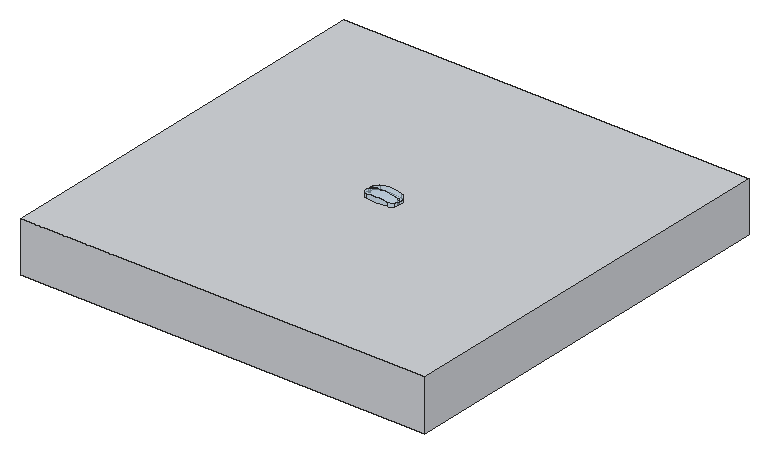
Revit family "GALAD Блистер LED", category Осветительные приборы, Revit 2018 (continued)
Types (3, lengths in mm): name | Файл фотометрической сетки | built-in parameter 1150142 | Материал рассеивателя | Материал корпуса | URL | IP | ADSK_Наименование краткое | ADSK_Наименование | ADSK_Марка | ADSK_Код изделия
    53 54.53 45.79 37.62 30.57 23.95 18.74 12.82 9.72 7.04 5.64 5.07 4.65 4.09 3.80 3.52 2.96 2.40 2.11 1.83 1.69 1.27 0.99 0.70 0.42 0.28 0.28 0.14 0.14 0.14 0.14 0.14 0.42 0.70 0.85 0.85 1.41 0.99 0.14 0.00 0.00 0.14 \r\n287.28 287.28 287.71 287.14 285.31 283.48 280.66 277.14 273.20 268.83 263.76 258.12 252.48 245.44 238.39 230.65 222.47 213.74 204.86 195.42 185.56 175.41 164.85 154.00 143.01 131.46 120.04 108.63 96.94 85.66 74.39 63.83 54.24 45.37 37.20 29.87 23.25 17.89 11.98 8.17 5.92 4.79 4.23 3.95 3.38 2.96 2.82 2.40 1.97 1.69 1.41 1.27 0.99 0.70 0.42 0.28 0.14 0.14 0.14 0.00 0.00 0.00 0.14 0.28 0.56 0.70 0.56 1.27 0.85 0.14 0.00 0.00 0.14 \r\n287.28 287.28 287.71 287.00 285.31 283.62 280.52 277.00 273.20 268.69 263.61 257.98 251.78 245.44 238.11 230.22 222.33 213.74 204.72 195.14 185.42 175.13 164.71 153.72 142.44 131.31 119.62 108.21 96.37 85.10 73.83 63.40 53.54 44.95 36.77 29.73 22.82 17.47 10.00 5.64 4.79 4.09 3.66 3.24 2.82 2.40 2.25 1.97 1.55 1.27 1.13 0.99 0.70 0.56 0.28 0.14 0.14 0.00 0.00 0.00 0.00 0.00 0.14 0.28 0.42 0.56 0.42 0.99 0.70 0.14 0.00 0.00 0.14 \r\n287.28 287.28 287.71 286.86 285.31 283.34 280.38 276.86 273.34 268.41 263.61 257.84 251.64 245.16 237.69 230.22 222.05 213.74 204.44 194.86 185.14 175.13 164.28 153.29 142.16 130.75 119.48 108.07 95.95 84.54 73.41 62.84 53.12 44.66 36.63 29.45 22.68 16.63 10.14 5.49 4.09 3.38 2.96 2.54 2.11 1.83 1.83 1.69 1.41 1.13 0.99 0.85 0.56 0.42 0.28 0.14 0.00 0.00 0.00 0.00 0.00 0.00 0.00 0.14 0.42 0.42 0.28 0.70 0.56 0.00 0.00 0.00 0.14 \r\n287.28 287.14 287.71 286.86 285.31 283.20 280.52 276.86 273.34 268.41 263.61 257.98 251.78 245.02 237.83 230.22 222.05 213.46 204.16 194.72 184.71 174.71 164.00 153.29 142.16 130.61 119.34 107.50 95.81 84.54 73.12 62.70 52.98 44.52 36.63 29.31 22.40 16.77 9.30 4.93 4.09 3.38 2.96 2.68 2.11 1.83 1.83 1.55 1.41 1.13 0.99 0.85 0.70 0.42 0.28 0.14 0.00 0.00 0.00 0.00 0.00 0.00 0.00 0.14 0.28 0.42 0.14 0.56 0.42 0.00 0.00 0.00 0.14 \r\n287.28 287.14 287.71 286.72 285.17 283.06 280.52 276.86 273.34 268.55 263.61 258.12 251.64 245.02 238.11 230.08 221.91 213.32 204.44 194.72 184.71 174.57 163.86 153.15 141.88 130.61 119.20 107.50 95.95 84.26 73.27 62.84 53.12 44.24 36.49 29.17 22.12 16.77 8.45 5.21 4.65 3.95 3.52 3.10 2.54 2.25 2.11 1.83 1.55 1.41 1.27 0.99 0.85 0.56 0.42 0.28 0.14 0.14 0.14 0.00 0.00 0.00 0.00 0.14 0.14 0.28 0.14 0.28 0.28 0.00 0.00 0.00 0.14 \r\n287.28 287.14 287.57 286.86 285.17 283.06 280.52 277.00 273.05 268.69 263.47 257.84 251.36 244.88 238.11 229.66 222.05 213.32 204.58 194.58 185.00 174.71 164.14 153.15 141.88 130.89 119.20 107.64 96.09 84.68 73.41 62.84 53.12 44.38 36.35 28.88 22.40 17.19 10.99 7.89 5.49 4.51 4.09 3.66 3.10 2.68 2.40 2.11 1.83 1.69 1.41 1.27 0.99 0.70 0.56 0.28 0.28 0.28 0.14 0.14 0.14 0.14 0.00 0.00 0.14 0.14 0.00 0.14 0.14 0.00 0.00 0.00 0.14 \r\n287.28 287.00 287.57 286.86 285.17 283.06 280.38 277.00 272.91 268.69 263.47 257.70 251.64 244.88 237.83 229.94 222.05 212.89 204.16 195.00 185.14 174.71 164.28 153.58 142.44 131.17 119.48 107.78 96.37 84.68 73.83 62.98 53.40 44.52 36.49 29.45 22.97 17.75 11.69 8.74 6.34 5.21 4.79 4.37 3.80 3.24 2.82 2.54 2.25 2.11 1.83 1.55 1.27 0.99 0.70 0.56 0.42 0.28 0.28 0.28 0.14 0.14 0.14 0.14 0.14 0.14 0.00 0.14 0.14 0.00 0.00 0.00 0.14 \r\n287.28 287.00 287.57 286.86 285.17 282.92 280.24 277.00 273.05 268.69 263.33 257.84 252.06 245.02 237.97 230.22 222.19 213.32 204.16 195.14 185.42 174.99 164.57 153.72 142.59 131.17 119.76 108.35 96.51 85.10 74.11 63.54 53.82 44.95 36.91 29.73 23.53 18.32 12.96 9.58 7.61 6.34 5.64 5.07 4.51 4.09 3.52 3.10 2.82 2.54 2.25 1.83 1.55 1.27 0.99 0.70 0.56 0.42 0.42 0.28 0.28 0.14 0.14 0.14 0.14 0.14 0.14 0.00 0.14 0.00 0.00 0.00 0.14 \r\n287.28 287.00 287.43 286.86 285.17 282.92 280.24 277.00 273.05 268.83 263.47 257.84 252.06 245.02 238.11 230.36 222.33 213.88 204.58 195.42 185.28 175.41 164.71 153.72 143.01 131.46 120.32 108.63 97.08 85.52 74.67 63.97 54.39 45.51 37.34 30.29 24.09 19.02 14.09 10.57 8.17 7.04 6.48 5.92 5.35 4.79 4.09 3.66 3.24 2.96 2.68 2.25 1.83 1.55 1.27 0.99 0.85 0.70 0.56 0.42 0.28 0.28 0.28 0.28 0.14 0.28 0.14 0.14 0.00 0.00 0.00 0.00 0.14 \r\n287.28 286.86 287.43 286.86 285.03 282.78 280.24 277.00 273.05 268.69 263.61 258.12 252.06 245.16 238.39 230.50 222.76 214.02 204.86 195.70 185.70 175.70 165.13 154.14 143.15 132.16 120.47 109.05 97.64 86.23 75.38 64.81 55.09 45.93 38.04 30.86 24.94 19.73 15.36 11.41 8.88 7.75 7.33 6.76 6.06 5.49 4.93 4.37 3.80 3.52 3.10 2.68 2.25 1.97 1.55 1.27 1.13 0.85 0.70 0.56 0.42 0.28 0.28 0.28 0.28 0.42 0.28 0.14 0.00 0.00 0.00 0.00 0.14 \r\n287.28 286.86 287.43 286.72 285.17 282.92 280.38 277.00 273.05 268.55 263.76 258.12 252.06 245.44 238.54 230.65 222.90 214.30 205.28 195.99 185.84 175.98 165.55 154.56 143.71 132.30 121.03 109.48 97.92 86.65 75.66 65.38 55.65 46.64 38.61 31.56 25.50 20.43 16.20 12.40 9.72 8.31 7.89 7.47 6.90 6.20 5.35 4.79 4.37 3.95 3.52 3.10 2.68 2.25 1.97 1.69 1.41 1.13 0.99 0.70 0.56 0.42 0.42 0.42 0.56 0.56 0.56 0.28 0.14 0.00 0.00 0.00 0.14 \r\n287.28 286.86 287.28 286.72 285.17 282.92 280.38 277.14 273.34 268.55 263.90 258.12 251.92 245.58 238.54 230.93 222.76 214.44 205.57 195.99 186.26 176.26 165.69 154.84 144.14 132.58 121.17 109.62 98.49 87.21 76.37 66.08 56.36 47.48 39.45 32.26 26.35 21.28 17.19 13.53 10.71 9.02 8.31 8.03 7.61 6.90 6.20 5.49 4.93 4.51 4.09 3.52 3.10 2.68 2.25 1.97 1.69 1.41 1.27 0.99 0.70 0.56 0.42 0.56 0.70 0.85 0.85 0.56 0.14 0.00 0.00 0.00 0.14 \r\n287.28 286.86 287.28 286.72 285.17 282.92 280.38 277.14 273.48 268.69 263.90 258.26 252.34 246.00 238.68 231.07 222.90 214.44 205.28 196.41 186.55 176.54 165.97 155.41 144.28 133.00 121.59 110.32 98.77 87.64 76.93 66.64 56.92 48.19 40.16 33.11 27.05 22.12 17.89 14.37 11.55 9.86 8.88 8.59 8.17 7.47 6.62 6.06 5.49 5.07 4.51 3.95 3.38 2.96 2.68 2.25 1.97 1.69 1.41 1.27 0.99 0.70 0.70 0.70 0.85 0.99 0.99 0.70 0.28 0.00 0.00 0.00 0.14 \r\n287.28 286.86 287.28 286.72 285.03 282.78 280.24 277.00 273.20 268.97 264.04 258.40 252.48 246.00 238.82 231.07 223.46 214.72 205.71 196.69 186.97 176.82 166.40 155.69 144.70 133.57 122.02 110.60 99.47 88.34 77.63 67.21 57.63 48.75 40.72 33.81 27.90 22.82 18.74 15.36 12.54 10.57 9.44 8.88 8.59 8.03 7.19 6.62 6.06 5.49 4.93 4.37 3.80 3.38 2.96 2.68 2.25 1.97 1.69 1.41 1.27 0.99 0.85 0.85 0.99 1.27 1.27 0.99 0.28 0.00 0.00 0.00 0.14 \r\n287.28 286.72 287.28 286.72 285.03 282.92 280.24 277.14 273.20 269.11 263.90 258.54 252.48 246.00 239.10 231.35 223.46 215.01 206.13 196.69 187.11 177.11 166.54 155.69 144.98 133.99 122.58 111.17 99.89 88.76 78.20 67.91 58.33 49.45 41.56 34.52 28.60 23.67 19.58 16.20 13.39 11.41 10.14 9.44 9.16 8.59 7.75 7.04 6.48 5.92 5.35 4.79 4.23 3.80 3.38 2.96 2.54 2.25 1.97 1.69 1.41 1.27 1.13 1.13 1.27 1.41 1.55 1.13 0.42 0.00 0.00 0.00 0.14 \r\n287.28 286.72 287.14 286.72 285.03 283.06 280.38 277.14 273.34 269.11 263.90 258.68 252.62 246.43 239.24 231.49 223.60 215.15 206.41 196.97 187.25 177.39 166.96 155.97 145.12 134.13 123.00 111.45 100.32 89.19 78.62 68.62 59.04 50.44 42.55 35.51 29.45 24.52 20.43 17.05 14.37 12.26 10.85 10.00 9.58 9.02 8.31 7.61 7.04 6.48 5.78 5.21 4.65 4.09 3.66 3.24 2.96 2.54 2.25 1.97 1.69 1.55 1.41 1.41 1.55 1.69 1.69 1.27 0.42 0.00 0.00 0.00 0.14 \r\n287.28 286.72 287.14 286.72 285.03 283.06 280.52 277.14 273.34 269.11 264.04 258.82 252.91 246.28 239.38 231.63 223.88 215.29 206.69 197.39 187.53 177.53 167.38 156.39 145.83 134.55 123.14 111.87 100.74 89.61 79.04 69.18 59.74 51.14 43.25 36.35 30.29 25.36 21.28 17.89 15.08 12.96 11.41 10.57 10.00 9.58 9.02 8.31 7.47 6.76 6.06 5.49 4.93 4.51 3.95 3.52 3.24 2.82 2.54 2.25 1.97 1.83 1.69 1.69 1.83 1.97 1.97 1.55 0.56 0.00 0.00 0.00 0.14 \r\n287.28 286.72 287.14 286.72 285.03 283.06 280.52 277.14 273.48 268.97 264.18 258.97 253.05 246.28 239.24 231.63 223.88 215.43 206.83 197.39 187.81 177.53 167.38 156.82 145.97 134.70 123.56 112.43 101.16 90.17 79.75 69.88 60.44 51.71 43.96 37.20 31.14 26.07 21.98 18.60 15.92 13.81 12.26 11.27 10.57 10.00 9.44 8.88 8.03 7.19 6.48 5.92 5.35 4.79 4.37 3.80 3.52 3.10 2.68 2.40 2.25 2.11 2.11 2.11 2.25 2.40 2.25 1.69 0.70 0.00 0.00 0.00 0.14 \r\n287.28 286.72 287.00 286.72 285.03 282.92 280.66 277.14 273.34 269.11 264.18 258.82 253.05 246.43 239.38 231.91 224.02 215.57 206.83 197.68 188.09 177.81 167.67 157.10 146.25 135.12 123.99 112.72 101.59 90.74 80.45 70.45 61.15 52.41 44.66 37.76 31.98 26.91 22.82 19.44 16.77 14.51 12.96 11.84 11.13 10.57 10.14 9.44 8.59 7.61 6.90 6.20 5.64 5.07 4.65 4.09 3.66 3.38 2.96 2.68 2.54 2.40 2.54 2.68 2.82 2.82 2.54 1.97 0.70 0.00 0.00 0.00 0.14 \r\n287.28 286.72 287.00 286.72 285.17 283.06 280.66 277.28 273.34 269.39 264.46 258.82 253.05 246.57 239.52 232.20 224.30 215.85 206.97 197.96 188.38 178.23 167.95 157.24 146.39 135.26 124.13 112.86 101.87 91.16 80.73 70.87 61.71 53.26 45.51 38.61 32.83 27.76 23.67 20.29 17.47 15.36 13.67 12.54 11.84 11.27 10.71 9.86 9.02 8.03 7.19 6.62 5.92 5.35 4.93 4.37 3.95 3.52 3.24 2.96 2.82 2.82 2.82 3.10 3.24 3.24 2.82 2.11 0.85 0.00 0.00 0.00 0.14 \r\n287.28 286.72 287.00 286.72 285.31 283.20 280.52 277.42 273.48 269.39 264.46 259.11 253.19 246.85 239.94 232.34 224.73 216.27 207.26 198.10 188.66 178.51 168.23 157.66 146.67 135.82 124.69 113.28 102.29 91.72 81.30 71.57 62.42 53.96 46.35 39.59 33.67 28.60 24.37 20.99 18.18 16.06 14.23 13.10 12.26 11.69 11.13 10.29 9.44 8.45 7.47 6.90 6.20 5.64 5.07 4.65 4.23 3.80 3.52 3.24 3.10 3.10 3.38 3.52 3.66 3.52 3.10 2.40 0.99 0.00 0.00 0.00 0.14 \r\n287.28 286.72 287.00 286.72 285.31 283.20 280.38 277.42 273.76 269.39 264.60 259.39 253.33 246.99 240.09 232.62 224.87 216.56 207.82 198.52 188.66 178.80 168.09 157.80 147.09 135.82 124.69 113.42 102.71 92.29 81.72 72.14 62.98 54.53 47.06 40.30 34.38 29.31 25.08 21.56 18.88 16.63 14.93 13.67 12.82 12.26 11.55 10.57 9.72 8.74 7.89 7.19 6.62 5.92 5.35 4.93 4.37 4.09 3.80 3.52 3.52 3.52 3.66 3.95 4.09 3.80 3.38 2.54 1.13 0.14 0.00 0.00 0.14 \r\n287.28 286.72 286.86 286.58 285.17 283.06 280.52 277.42 273.76 269.53 264.74 259.39 253.47 247.13 240.09 232.62 224.73 216.41 207.82 198.52 188.80 179.22 168.93 158.23 147.52 136.39 125.54 114.27 103.14 92.71 82.42 72.84 63.83 55.51 47.90 41.00 35.22 30.15 25.92 22.40 19.58 17.33 15.50 14.23 13.24 12.54 11.84 10.85 10.00 9.16 8.31 7.47 6.76 6.20 5.64 5.07 4.65 4.23 4.09 3.80 3.80 3.95 4.09 4.37 4.37 4.09 3.52 2.82 1.27 0.14 0.00 0.00 0.14 \r\n287.28 286.72 286.86 286.58 285.03 283.06 280.52 277.56 273.76 269.39 264.74 259.25 253.47 247.13 240.23 233.04 225.01 216.41 207.96 198.80 188.94 179.22 168.93 158.37 147.52 136.53 125.26 114.41 103.42 92.85 82.85 73.27 64.25 56.08 48.47 41.85 35.93 30.86 26.63 23.11 20.15 17.89 16.06 14.79 13.67 12.82 11.98 10.99 10.14 9.44 8.74 7.75 7.04 6.34 5.78 5.35 4.93 4.51 4.37 4.23 4.23 4.37 4.51 4.65 4.51 4.23 3.66 2.96 1.41 0.14 0.00 0.00 0.14 \r\n287.28 286.72 286.86 286.44 285.03 282.92 280.52 277.56 273.62 269.39 264.74 259.11 253.05 247.13 239.94 232.76 224.87 216.27 207.82 198.52 189.08 179.08 168.79 158.37 147.52 136.53 125.68 114.41 103.56 93.13 83.13 73.69 64.81 56.64 49.17 42.55 36.63 31.56 27.33 23.67 20.85 18.46 16.63 15.22 14.09 12.96 12.12 11.27 10.29 9.58 8.88 7.89 7.04 6.48 5.92 5.49 5.07 4.79 4.65 4.51 4.51 4.65 4.79 4.93 4.65 4.23 3.80 2.96 1.55 0.14 0.00 0.00 0.14 \r\n287.28 286.58 286.72 286.30 285.03 282.92 280.52 277.28 273.62 269.25 264.60 259.25 253.33 247.13 240.23 232.62 224.87 216.56 207.82 198.94 189.08 179.08 168.93 158.37 147.66 136.67 125.54 114.69 104.12 93.70 83.69 74.25 65.38 57.20 49.74 43.11 37.20 32.12 27.76 24.23 21.28 19.02 17.05 15.64 14.23 12.96 12.12 11.27 10.43 9.86 9.16 8.31 7.47 6.76 6.20 5.78 5.35 5.07 4.93 4.93 4.93 5.07 5.21 5.07 4.79 4.37 3.95 3.10 1.55 0.14 0.00 0.00 0.14 \r\n287.28 286.58 286.72 286.16 284.89 282.92 280.38 277.28 273.62 269.25 264.46 259.39 253.47 246.99 240.09 232.76 225.01 216.84 208.24 198.80 189.22 179.36 169.21 158.79 147.94 137.09 125.96 114.97 104.26 93.70 83.83 74.53 65.66 57.77 50.30 43.68 38.04 32.97 28.60 24.94 21.98 19.58 17.61 15.92 14.37 13.10 12.12 11.27 10.43 9.72 9.02 8.31 7.47 6.90 6.48 6.06 5.64 5.49 5.35 5.21 5.35 5.35 5.35 5.21 4.93 4.51 3.95 3.10 1.69 0.28 0.00 0.00 0.14 \r\n287.28 286.58 286.58 286.02 284.89 282.92 280.24 277.28 273.48 269.11 264.46 259.39 253.61 246.99 240.09 232.76 225.01 216.70 208.10 198.94 189.22 179.36 169.07 158.51 147.94 136.95 125.82 115.11 104.54 94.12 84.26 74.96 66.36 58.19 51.00 44.38 38.46 33.39 29.02 25.36 22.40 19.87 17.75 15.92 14.23 12.96 11.98 11.27 10.57 9.86 9.16 8.45 7.75 7.04 6.62 6.34 6.06 5.78 5.64 5.64 5.78 5.78 5.64 5.35 5.07 4.51 4.09 3.24 1.69 0.28 0.00 0.00 0.14 \r\n287.28 286.58 286.58 285.88 284.89 283.06 280.24 277.14 273.48 269.11 264.60 259.39 253.47 246.99 240.23 232.90 224.87 216.84 208.24 199.23 189.50 179.36 168.93 158.65 148.08 137.23 126.24 115.39 104.83 94.40 84.68 75.38 66.64 58.75 51.43 44.80 39.03 33.96 29.59 25.92 22.82 20.29 18.18 16.06 14.09 12.68 11.69 10.99 10.29 9.58 9.16 8.59 7.89 7.33 6.90 6.62 6.34 6.20 6.20 6.06 6.06 6.06 5.78 5.49 5.07 4.65 4.09 3.24 1.83 0.42 0.00 0.00 0.14 \r\n287.28 286.58 286.44 285.88 284.89 283.06 280.38 277.28 273.62 269.25 264.60 259.39 253.33 246.99 240.37 232.90 224.87 216.84 208.10 198.94 189.36 179.50 169.36 158.79 147.94 137.23 126.38 115.53 104.83 94.68 84.82 75.66 67.21 59.18 51.85 45.37 39.59 34.38 30.01 26.21 23.25 20.71 18.32 15.92 13.81 12.26 11.69 11.13 10.43 9.72 9.16 8.74 8.03 7.47 7.19 6.90 6.76 6.62 6.62 6.48 6.48 6.20 5.92 5.49 5.07 4.65 4.09 3.38 1.97 0.56 0.00 0.00 0.14 \r\n287.28 286.72 286.44 285.74 284.75 283.06 280.38 277.28 273.62 269.39 264.74 259.39 253.47 246.99 240.23 232.90 224.87 216.70 208.10 199.08 189.50 179.50 169.21 158.93 148.22 137.37 126.38 115.39 104.97 94.82 84.96 75.94 67.35 59.60 52.41 45.93 40.01 35.08 30.57 26.91 23.67 21.13 18.60 16.06 13.53 11.69 10.85 10.57 10.29 9.72 9.30 8.88 8.45 7.89 7.61 7.33 7.19 7.19 7.04 6.90 6.62 6.34 5.92 5.49 5.21 4.79 4.23 3.52 2.25 0.70 0.00 0.00 0.14 \r\n287.28 286.72 286.44 285.59 284.61 282.78 280.24 277.28 273.34 269.25 264.46 259.25 253.33 247.13 240.23 232.90 225.01 216.84 207.82 198.80 189.22 179.22 169.07 158.65 148.22 137.09 126.24 115.67 105.25 95.10 85.24 76.22 67.77 59.88 52.69 46.07 40.30 35.22 30.86 27.05 23.95 21.42 18.88 16.34 13.67 11.41 10.43 10.43 10.14 9.58 9.16 8.88 8.59 8.17 8.03 7.89 7.75 7.61 7.33 7.04 6.76 6.34 5.92 5.64 5.21 4.79 4.23 3.66 2.54 0.99 0.00 0.00 0.14 \r\n287.28 286.72 286.44 285.59 284.33 282.64 280.24 277.28 273.34 269.25 264.46 259.11 253.33 246.85 240.09 232.76 225.01 216.84 208.10 198.94 189.22 179.36 169.21 158.51 147.94 137.37 126.52 115.67 105.11 95.10 85.52 76.51 68.05 60.16 53.12 46.64 40.86 35.65 31.28 27.47 24.37 21.84 19.30 16.34 13.39 11.13 9.86 10.00 10.14 9.86 9.44 9.30 9.02 8.74 8.45 8.31 8.17 7.89 7.47 7.19 6.76 6.48 6.06 5.64 5.35 4.93 4.37 3.66 2.68 1.13 0.00 0.00 0.14 \r\n287.28 286.72 286.44 285.59 284.19 282.35 280.24 277.28 273.48 269.39 264.46 259.11 253.47 246.85 240.23 233.04 225.01 216.70 208.10 198.94 189.36 179.50 169.36 158.79 148.08 137.23 126.52 115.82 105.11 95.10 85.38 76.37 68.05 60.44 53.26 46.78 41.00 35.93 31.56 27.62 24.52 21.98 19.44 16.77 13.67 10.71 9.02 9.16 9.72 9.72 9.72 9.72 9.58 9.30 9.02 8.74 8.31 8.03 7.61 7.19 6.90 6.48 6.06 5.78 5.35 4.93 4.37 3.80 2.82 1.27 0.14 0.00 0.14 \r\n287.28 286.72 286.58 285.59 284.04 282.21 279.82 276.86 273.34 269.39 264.32 258.97 253.05 246.71 240.23 232.62 224.87 216.70 207.82 198.52 189.08 179.36 169.21 158.79 148.08 137.23 126.38 115.67 105.39 95.39 85.66 76.65 68.33 60.58 53.54 47.20 41.28 36.21 31.84 28.04 24.80 22.12 19.58 16.34 13.10 10.29 8.74 9.02 10.00 10.29 10.14 10.14 10.00 9.58 9.16 8.88 8.45 8.03 7.75 7.33 6.90 6.62 6.20 5.78 5.35 4.93 4.51 3.95 2.96 1.41 0.14 0.00 0.14 \r\n287.28 286.72 286.58 285.59 284.19 282.07 279.39 276.44 272.91 268.97 264.18 259.11 253.19 246.85 239.94 232.62 224.87 216.41 207.96 198.94 188.94 178.94 168.79 158.51 147.94 137.09 126.38 115.67 105.39 95.25 85.66 76.65 68.47 60.73 53.68 47.20 41.42 36.35 31.98 28.18 24.94 22.26 19.58 16.34 12.68 9.86 8.31 8.45 10.00 10.71 10.57 10.43 10.29 9.86 9.44 9.02 8.59 8.17 7.75 7.33 7.
